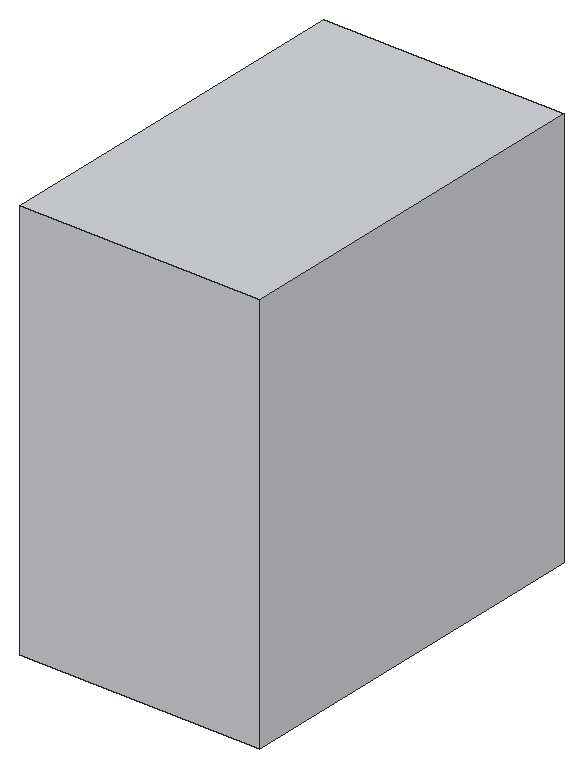
Revit family
Parameters
  Warranty Duration (Years) = 0
  Unit Width [instance] = 1' - 5 1/4"
  Unit Height [instance] = 4' - 8"
  Unit Depth = 0' - 10"
  URL = "http://www.americanspecialties.com/viewCategories.cfm"
  Trim Material = Metal - Stainless Steel
  Test Data = ""
  Specification = "http://www.arcat.com/sdspecs/htm/10810asi.htm"
  SpecWizard = ""
  Send Message = "http://www.arcat.com/users.pl?action=UserEmail&company=American%20Specialties,%20Inc.&coid=30448&rep=139&fax=914-476-0688&mf="
  Sales Information = "http://www.americanspecialties.com/contact"
  Revision = "R1_10-2010"
  Product Properties = "http://www.americanspecialties.com/datasheets/046921AC-9.pdf"
  Product Data = "http://www.arcat.com/arcatcos/cos30/arc30448.html"
  Model = "As Specified in 10 28 13"
  Manufacturer Website = "http://www.americanspecialties.com/viewCategories.cfm"
  Manufacturer Phone - Toll Free = ""
  Manufacturer Phone = "914-476-9000 "
  Manufacturer Fax = "914-476-0688"
  Manufacturer Address = "441 Saw Mill River Rd., Yonkers, NY 10701"
  Manufacturer = "American Specialties, Inc."
  Maintenance Schedule (Months) = 0
  Keynote = "10 28 13"
  Installation-Fabrication = "http://www.americanspecialties.com/products.cfm"
  Green Building-LEED = ""
  Expected Lifespan (Years) = 0
  Drawn By = "Robert S. Weygant. CSI, CDT, SCIP"  # constant formula
  Description = "Toilet Accessory as Specified in 10 28 13"
  Default Elevation = 4' - 0"
  Copyright = "©Arcat Inc."
  Construction Details = "http://www.arcat.com/green/clients/leed_data_30448.html"
  Building Codes = "http://www.americanspecialties.com/products.cfm"
  Body Material = Metal - Stainless Steel
  Assembly Code = "C1030210"
Reference planes (in)
  plane 1 "Center (Front/Back)": y = -6.16773
  plane 2 "Floor Line": z = 0
  plane 3 "Center (Left/Right)": x = -0.65843
  plane 4: y = -33.16773
  plane 5: y = -15.66773
Forms (in)
  Extrusion 1, solid
    sketch origin (-3.98487, -14.65374, -6) x (0, 0, -1) y (1, 0, 0)
      loop
        line (-82, 26) -> (-82, -19.34712) -> (-6, -19.34712) -> (-6, 26) -> (-82, 26)
    from 27.51399 to -44.33964
  Extrusion 2, solid, material "Metal - Stainless Steel" <- "Trim Material"
    sketch origin (-4.97093, 0, 10) x (0, 1, 0) y (0, 0, 1)
      loop
        line (5.33227, -9.875) -> (5.33227, -9.72139) -> (-0.91773, -9.72139) -> (-0.91773, -9.47139) -> (-3.39955, -9.47139) -> (-3.39955, -5.25986) -> (-6.60707, -2.47161) -> (-7.66773, -3.53227) -> (-8.34349, -3.16317)
        arc (-8.34349, -3.16317) -> (-8.8148, -6.5942) -> (-6.88713, -9.47139) r 4.87155
        line (-6.88713, -9.47139) -> (-8.03475, -9.47139) -> (-8.03475, -9.875) -> (5.33227, -9.875)
    from 0 to 8.625
  Extrusion 3, solid, material "Metal - Stainless Steel" <- "Body Material"
    sketch origin (-0.65843, 0, 10) x (0, 1, 0) y (0, 0, 1)
      loop
        line (-6.88713, -9.875) -> (-6.88713, -9.75) -> (-15.66773, -9.75) -> (-15.66773, -9.875) -> (-6.88713, -9.875)
    from -7.625 to 7.625
  Extrusion 4, solid, material "Metal - Stainless Steel" <- "Body Material"
    sketch origin (13.01015, -10.96548, 0.25) x (1, 0, 0) y (0, 1, 0)
      loop
        circle (-13.66858, -3.82753) r 0.5
      loop
        line (-13.71429, -3.40854) -> (-13.71429, -4.23134) -> (-13.62287, -4.23134) -> (-13.62287, -3.40854) -> (-13.71429, -3.40854)
    from 0 to 0.0625
  Extrusion 5, solid, material "Metal - Stainless Steel" <- "Body Material"
    sketch origin (13.01015, -10.96548, 0.25) x (1, 0, 0) y (0, 1, 0)
      loop
        circle (-13.66858, -3.82753) r 0.5
      loop
        circle (-13.66858, -3.82753) r 0.53125
    from 0 to 0.125
  Extrusion 6, solid
    sketch origin (0.16612, 0, 10) x (1, 0, 0) y (0, 1, 0)
      loop
        line (-8.16797, 5.08227) -> (-8.16797, 1.83227) -> (-5.91797, 1.83227) -> (-5.91797, 5.08227) -> (-8.16797, 5.08227)
      loop
        circle (-7.09593, 2.22966) r 0.15224
    from -9.72139 to -8.48233
  Extrusion 7, solid, material "Metal - Stainless Steel" <- "Body Material"
    sketch origin (0, 0, 0) x (1, 0, 0) y (0, 1, 0)
      loop
        line (-8.40843, 20.95727) -> (-8.40843, -33.29273) -> (7.09157, -33.29273) -> (7.09157, 20.95727) -> (-8.40843, 20.95727)
    from 0 to 0.125
  Extrusion 8, solid, material "Metal - Stainless Steel" <- "Body Material"
    sketch origin (-27.38043, -15.66773, 17.88116) x (1, 0, 0) y (0, 0, 1)
      loop
        line (19.097, -6.00616) -> (19.097, -17.75616) -> (34.347, -17.75616) -> (34.347, -6.00616) -> (19.097, -6.00616)
      loop
        line (19.222, -6.13116) -> (19.222, -17.63116) -> (34.222, -17.63116) -> (34.222, -6.13116) -> (19.222, -6.13116)
    from 0 to 17.5
  Extrusion 9, solid, material "Metal - Stainless Steel" <- "Body Material"
    sketch origin (0, -33.04273, 10) x (1, 0, 0) y (0, 0, 1)
      loop
        line (-8.15843, 1.75) -> (-8.15843, -9.75) -> (6.84157, -9.75) -> (6.84157, 1.75) -> (-8.15843, 1.75)
    from 0 to 0.125
  Extrusion 10, solid, material "Metal - Stainless Steel" <- "Body Material"
    sketch origin (0, 0, 10) x (1, 0, 0) y (0, 1, 0)
      loop
        line (-9.28343, 21.83227) -> (-9.28343, -34.16773) -> (7.96657, -34.16773) -> (7.96657, 21.83227) -> (-9.28343, 21.83227)
      loop
        line (-8.28343, -33.16773) -> (6.96657, -33.16773) -> (6.96657, 20.83227) -> (-8.28343, 20.83227) -> (-8.28343, -33.16773)
    from 0 to 0.25
  Extrusion 11, solid, material "Metal - Stainless Steel" <- "Body Material"
    sketch origin (0, 0, 10) x (1, 0, 0) y (0, 1, 0)
      loop
        line (-8.28343, 20.83227) -> (-8.28343, -7.66773) -> (6.96657, -7.66773) -> (6.96657, 20.83227) -> (-8.28343, 20.83227)
    from 0 to 0.25
  Extrusion 12, solid, material "Metal - Stainless Steel" <- "Body Material"
    sketch origin (6.21, -3.06336, 10.25) x (1, 0, 0) y (0, 1, 0)
      loop
        circle (-13.66858, -3.82753) r 0.5
      loop
        line (-13.71429, -3.40854) -> (-13.71429, -4.23134) -> (-13.62287, -4.23134) -> (-13.62287, -3.40854) -> (-13.71429, -3.40854)
    from 0 to 0.0625
  Extrusion 13, solid, material "Metal - Stainless Steel" <- "Body Material"
    sketch origin (6.21, -3.06336, 10.25) x (1, 0, 0) y (0, 1, 0)
      loop
        circle (-13.66858, -3.82753) r 0.5
      loop
        circle (-13.66858, -3.82753) r 0.53125
    from 0 to 0.125
  Extrusion 14, solid, material "Metal - Stainless Steel" <- "Body Material"
    sketch origin (6.21, 23.68664, 10.25) x (1, 0, 0) y (0, 1, 0)
      loop
        circle (-13.66858, -3.82753) r 0.5
      loop
        line (-13.71429, -3.40854) -> (-13.71429, -4.23134) -> (-13.62287, -4.23134) -> (-13.62287, -3.40854) -> (-13.71429, -3.40854)
    from 0 to 0.0625
  Extrusion 15, solid, material "Metal - Stainless Steel" <- "Body Material"
    sketch origin (6.21, 23.68664, 10.25) x (1, 0, 0) y (0, 1, 0)
      loop
        circle (-13.66858, -3.82753) r 0.5
      loop
        circle (-13.66858, -3.82753) r 0.53125
    from 0 to 0.125
  Extrusion 16, solid, material "Metal - Stainless Steel" <- "Body Material"
    sketch origin (0, 0, 10) x (1, 0, 0) y (0, 1, 0)
      loop
        line (-8.28343, 20.83227) -> (-8.28343, -33.16773) -> (6.96657, -33.16773) -> (6.96657, 20.83227) -> (-8.28343, 20.83227)
      loop
        line (-8.40843, 20.95727) -> (-8.40843, -33.29273) -> (7.09157, -33.29273) -> (7.09157, 20.95727) -> (-8.40843, 20.95727)
    from 0 to -10
  Extrusion 17, solid
    sketch origin (0, 0, 10) x (1, 0, 0) y (0, 1, 0)
      loop
        line (-8.28343, 6.33227) -> (-8.28343, 5.33227) -> (6.96657, 5.33227) -> (6.96657, 6.33227) -> (-8.28343, 6.33227)
    from 0 to -9.875
  Extrusion 18, solid, material "Metal - Stainless Steel" <- "Body Material"
    sketch origin (0, 0, 4) x (1, 0, 0) y (0, 1, 0)
      loop
        line (-9.28343, 21.83227) -> (-9.28343, -34.16773) -> (7.96657, -34.16773) -> (7.96657, 21.83227) -> (-9.28343, 21.83227)
      loop
        line (-8.28343, 20.83227) -> (-8.28343, -33.16773) -> (6.96657, -33.16773) -> (6.96657, 20.83227) -> (-8.28343, 20.83227)
    from -4 to 6
Dimensions and locks (in)
  locked: Extrusion 10 sketch curve to Extrusion 10 sketch curve at 1  (x3)
  locked: Extrusion 16 sketch curve to Extrusion 16 sketch curve at 0.125  (x4)
  aligned and locked: Extrusion 10 to Extrusion 11
  aligned and locked: Extrusion 18 to Extrusion 10
  aligned and locked: Extrusion 18 to level
